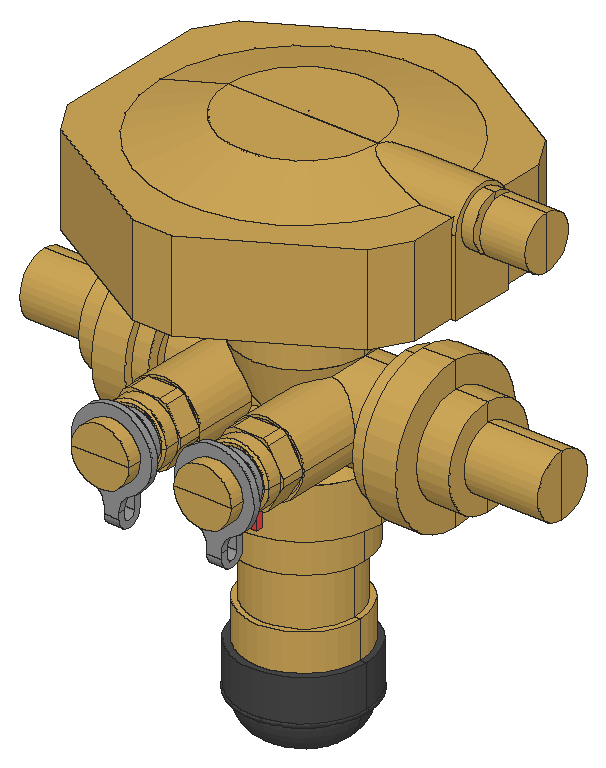
Revit family "Kombiventil 4006_M", category Rohrzubehör, Revit 2018
Family settings
  Bemaßung runder Anschluss = Durchmesser verwenden
  Teiletyp = Unterbricht
  OmniClass-Nummer = 23.65.55.14
  OmniClass-Titel = Valves for Liquid Services
  Arbeitsebenenbasiert = Nein
  Immer vertikal = Ja
  Beim Laden mit Abzugskörper schneiden = Nein
  Gemeinsam genutzt = Nein
Parameters
  min.Betriebstemperatur (Frostschutz) = -20 °C  # constant formula
  max.Betriebstemperatur bis DN32 = 130 °C  # constant formula
  max.Betriebstemperatur ab DN40 = 110 °C  # constant formula
  max.Betriebsdruck = 1600000.0 Pa  # constant formula
  VRL04 = 8.000 mm  # constant formula
  VRL03 [instance] = L01 + 4.000 mm  # 12.000 mm
  VRL02 = 18.000 mm  # constant formula
  VRL01 [instance] = size_lookup("4006M_", "VRL1", 30.000 mm, Nennweite)  # 30.000 mm
  URL = "www.herz-armaturen.at"
  Stift = "Edelstahl 14301"  # constant formula
  SCRNSEQ = "ARM;ARM_TYP=\"DURR\";2"
  SCRNCODE = "05;04;02"  # constant formula
  S05 [instance] = VRL01  # 30.000 mm
  S04 [instance] = H08 + (S03 / 2)  # 45.750 mm
  S03 [instance] = H09 + 4.700 mm  # 26.500 mm
  S02 [instance] = VRD01 * 2  # 36.400 mm
  S01 [instance] = 10.000 mm  # constant formula
  R12 = 3.900 mm  # constant formula
  R11 = 6.500 mm  # constant formula
  R10 = 35.000 mm  # constant formula
  R09 = 18.250 mm  # constant formula
  R08 = 11.300 mm  # constant formula
  R07 [instance] = size_lookup("4006M_", "R7", 17.300 mm, Nennweite)  # 17.300 mm
  R06 [instance] = size_lookup("4006M_", "R6", 19.000 mm, Nennweite)  # 19.000 mm
  R05 = 15.000 mm  # constant formula
  R04 = 12.500 mm  # constant formula
  R02 [instance] = size_lookup("4006M_", "R2", 15.000 mm, Nennweite)  # 15.000 mm
  R01 [instance] = size_lookup("4006M_", "R1", 11.500 mm, Nennweite)  # 11.500 mm
  PN = 16  # constant formula
  O-Ringe = "EPDM"  # constant formula
  Nennweite [instance] = 15.000 mm
  min.Betriebstemperatur (reines Wasser) = 2 °C  # constant formula
  Membrangehäuse = "Messing CW602N"  # constant formula
  Membrane = "EPDM"  # constant formula
  Medium = "Heizungswasserqualität nach ÖNORM H 5195 oder VDI-Richtline 2035.\r\nDie Verwendung von Ethylen- oder\nPropylenglykol in einem Mischungsverhältnis 25 - 50% ist zulässig."
  L06 [instance] = L00 / 2  # 33.000 mm
  L05 = 11.000 mm  # constant formula
  L04 = 1.500 mm  # constant formula
  L03 = 3.200 mm  # constant formula
  L02 = 43.500 mm  # constant formula
  L01 [instance] = size_lookup("4006M_", "L1", 8.000 mm, Nennweite)  # 8.000 mm
  L00 [instance] = size_lookup("4006M_", "L", 66.000 mm, Nennweite)  # 66.000 mm
  Impulsleitung = "Kupfer Cu-DHP (CW024A)"  # constant formula
  Hub = 4.000 mm  # constant formula
  Hersteller = "Herz-Armaturen GmbH"  # constant formula
  H13 [instance] = H02 - H05 - H03 - H04 - 2.000 mm  # 21.700 mm
  H12 = 19.250 mm  # constant formula
  H11 [instance] = size_lookup("4006M_", "H11", 59.000 mm, Nennweite)  # 59.000 mm
  H10 [instance] = H08 + H09  # 54.300 mm
  H09 = 21.800 mm  # constant formula
  H08 [instance] = H01 + H06 + H07  # 32.500 mm
  H07 = 4.000 mm  # constant formula
  H06 [instance] = size_lookup("4006M_", "H6", 10.000 mm, Nennweite)  # 10.000 mm
  H05 = 9.000 mm  # constant formula
  H04 [instance] = size_lookup("4006M_", "H4", 9.600 mm, Nennweite)  # 9.600 mm
  H03 [instance] = size_lookup("4006M_", "H3", 13.000 mm, Nennweite)  # 13.000 mm
  H02 [instance] = size_lookup("4006M_", "H2", 55.300 mm, Nennweite)  # 55.300 mm
  H01 [instance] = size_lookup("4006M_", "H1", 18.500 mm, Nennweite)  # 18.500 mm
  Gehäuse = "DZR Messing CC770S"  # constant formula
  VRG03 [instance] = Nennweite / 2  # 7.500 mm
  G02 [instance] = size_lookup("4006M_", "G2", 13.900 mm, Nennweite)  # 13.900 mm
  G01 [instance] = size_lookup("4006M_", "G1", 13.200 mm, Nennweite)  # 13.200 mm
  Druckfeder = "Federstahl"  # constant formula
  DN50 [instance] = Nennweite = 50.000 mm  # no
  DN40 [instance] = Nennweite = 40.000 mm  # no
  DN32 [instance] = Nennweite = 32.000 mm  # no
  DN25 [instance] = Nennweite = 25.000 mm  # no
  DN20 [instance] = Nennweite = 20.000 mm  # no
  DN15 [instance] = Nennweite = 15.000 mm  # yes
  VRD03 [instance] = VRG03 + 4.500 mm  # 12.000 mm
  VRD02 [instance] = G01 + 3.000 mm  # 16.200 mm
  VRD01 [instance] = G01 + 5.000 mm  # 18.200 mm
  Bestellnummer Verschraubung [instance] = size_lookup("4006M_", "Vrnr", 0, Nennweite)  # 1621011
  Bestellnummer [instance] = size_lookup("4006M_", "Artnr", 0, Nennweite)  # 1400611
  Bauschutzkappe = "Kunststoff"  # constant formula
  Anwendungsgebiet = "Das Kombiventil wird in allen pumpenbetriebenen Heiz- und Kühlanlagen eingesetzt. Der Regler begrenzt automatisch\r\nden Volumenstrom im gewählten Anlagenteil auf den einmal eingestellten Wert, indem alle Druckschwankungen\r\ngemessen und ausgeregelt werden. Somit sind keine Messungen erforderlich und die Regelung ist bei allen\r\nBetriebsbedingungen effektiv. Das Kombiventil regelt den Volumenstrom der ventileigenen Voreinstellung auf einen\r\nkonstanten Wert; die Membran regelt aufgrund des Druckes unmittelbar nach dem Regeleinsatz, sowie des Druckes\r\ndavor.\r\nDie Verwendung von Ethylen- und Propylenglykol ist im Mischungsverhältnis 25 - 50 Vol.- [%] zulässig."
Reference planes
  plane 1 "Mitte (Vorne/hinten)": y = 0
  plane 2: z = 0
  plane 3 "Mitte (Links/rechts)": x = 0
Forms (mm)
  Revolve 1, solid, material "Messing, weicher Gelbton, geschweißt", detail levels fine
    sketch origin (0, 0, 0) x (1, 0, 0) y (0, 0, 1)
      loop
        line (-33, 0) -> (33, 0) -> (33, 13.2) -> (25, 13.2) -> (25, 11.5) -> (-25, 11.5) -> (-25, 13.2) -> (-33, 13.2) -> (-33, 0)
      axis (-33, 0) -> (33, 0)
    angle from 0 to 360
  Revolve 2, solid, material "Messing, weicher Gelbton, geschweißt", detail levels fine
    sketch origin (0, 0, 0) x (1, 0, 0) y (0, 0, 1)
      loop
        line (0, -55.3) -> (0, 18.5) -> (-15, 18.5) -> (-15, 11.5) -> (-11.5, 0) -> (-19, -11.5) -> (-19, -23.7) -> (-15, -23.7) -> (-15, -33.3) -> (-12.5, -33.3) -> (-12.5, -46.3) -> (-13.9, -46.3) -> (-13.9, -55.3) -> (0, -55.3)
      axis (0, 18.5) -> (0, -55.3)
    angle from 0 to 360
  Extrusion 3, solid, material "Messing, weicher Gelbton, geschweißt", detail levels fine
    sketch origin (0, 0, 0) x (0, -1, 0) y (1, 0, 0)
      loop
        line (-46, -4.75) -> (-27.114, -37.462) -> (-18.886, -42.212) -> (18.886, -42.212) -> (27.114, -37.462) -> (46, -4.75) -> (46, 4.75) -> (27.114, 37.462) -> (18.886, 42.212) -> (-18.886, 42.212) -> (-27.114, 37.462) -> (-46, 4.75) -> (-46, -4.75)
    from 32.5 to 54.3
  Revolve 4, solid, material "Messing, weicher Gelbton, geschweißt", detail levels fine
    sketch origin (0, 0, 0) x (1, 0, 0) y (0, 0, 1)
      loop
        line (0, 54.3) -> (0, 59) -> (-18.25, 59) -> (-35, 54.3) -> (0, 54.3)
      axis (0, 59) -> (0, 54.3)
    angle from 0 to 360
  Extrusion 5, solid, material "Messing, weicher Gelbton, geschweißt", detail levels fine
    sketch origin (0, 0, 0) x (0, 1, 0) y (0, 0, 1)
      loop
        arc (7.85, 51.15) -> (0, 59) -> (-7.85, 51.15) r 7.85
        line (-7.85, 51.15) -> (-7.85, 32.5) -> (7.85, 32.5) -> (7.85, 51.15)
    from 0 to 43.5
  Revolve 6, solid, material "Messing, weicher Gelbton, geschweißt", detail levels fine
    sketch origin (0, 0, 0) x (1, 0, 0) y (0, 0, 1)
      loop
        line (43.5, 51.75) -> (59.2, 51.75) -> (59.2, 58.25) -> (48.2, 58.25) -> (48.2, 55.65) -> (46.7, 55.65) -> (46.7, 58.25) -> (43.5, 58.25) -> (43.5, 51.75)
      axis (43.5, 51.75) -> (59.2, 51.75)
    angle from 0 to 360
  Revolve 7, solid, material "Messing, weicher Gelbton, geschweißt", visible <- "DN15", detail levels fine
    sketch origin (0, 0, 0) x (1, 0, 0) y (0, 1, 0)
      loop
        line (-12.5, 24) -> (-20.2, 24) -> (-20.2, 0) -> (-21.5, 0) -> (-21.5, -27) -> (-12.5, -27) -> (-12.5, 24)
      axis (-12.5, 24) -> (-12.5, -27)
    angle from 0 to 360
  Revolve 8, solid, material "Messing, weicher Gelbton, geschweißt", visible <- "DN15", detail levels fine
    sketch origin (-12.5, 0, 0) x (0, 1, 0) y (0, 0, 1)
      loop
        line (24, 0) -> (39.7, 0) -> (39.7, 6.5) -> (28.7, 6.5) -> (28.7, 3.9) -> (27.2, 3.9) -> (27.2, 6.5) -> (24, 6.5) -> (24, 0)
      axis (24, 0) -> (39.7, 0)
    angle from 0 to 360
  Revolve 9, solid, material "Messing, weicher Gelbton, geschweißt", visible <- "DN15", detail levels fine
    sketch origin (0, 0, 0) x (1, 0, 0) y (0, 1, 0)
      loop
        line (12.5, 0) -> (12.5, -27) -> (21.6, -27) -> (21.6, 0) -> (12.5, 0)
      axis (12.5, 0) -> (12.5, -27)
    angle from 0 to 360
  Revolve 10, solid, material "Messing, weicher Gelbton, geschweißt", visible <- "DN20", detail levels fine
    sketch origin (-2, 0, 0) x (1, 0, 0) y (0, 1, 0)
      loop
        line (-12.5, 27) -> (-20.2, 27) -> (-20.2, 0) -> (-21.5, 0) -> (-21.5, -29) -> (-12.5, -29) -> (-12.5, 27)
      axis (-12.5, 27) -> (-12.5, -29)
    angle from 0 to 360
  Revolve 11, solid, material "Messing, weicher Gelbton, geschweißt", visible <- "DN20", detail levels fine
    sketch origin (2, 0, 0) x (1, 0, 0) y (0, 1, 0)
      loop
        line (12.5, 0) -> (12.5, -29) -> (21.6, -29) -> (21.6, 0) -> (12.5, 0)
      axis (12.5, 0) -> (12.5, -29)
    angle from 0 to 360
  Revolve 12, solid, material "Messing, weicher Gelbton, geschweißt", visible <- "DN20", detail levels fine
    sketch origin (-14.5, 3, 0) x (0, 1, 0) y (0, 0, 1)
      loop
        line (24, 0) -> (39.7, 0) -> (39.7, 6.5) -> (28.7, 6.5) -> (28.7, 3.9) -> (27.2, 3.9) -> (27.2, 6.5) -> (24, 6.5) -> (24, 0)
      axis (24, 0) -> (39.7, 0)
    angle from 0 to 360
  Revolve 13, solid, material "Messing, weicher Gelbton, geschweißt", visible <- "DN25", detail levels fine
    sketch origin (-2.1, 0, 0) x (1, 0, 0) y (0, 1, 0)
      loop
        line (-12.5, 27) -> (-20.2, 27) -> (-20.2, 0) -> (-21.5, 0) -> (-21.5, -29) -> (-12.5, -29) -> (-12.5, 27)
      axis (-12.5, 27) -> (-12.5, -29)
    angle from 0 to 360
  Revolve 14, solid, material "Messing, weicher Gelbton, geschweißt", visible <- "DN25", detail levels fine
    sketch origin (-14.6, 3, 0) x (0, 1, 0) y (0, 0, 1)
      loop
        line (24, 0) -> (39.7, 0) -> (39.7, 6.5) -> (28.7, 6.5) -> (28.7, 3.9) -> (27.2, 3.9) -> (27.2, 6.5) -> (24, 6.5) -> (24, 0)
      axis (24, 0) -> (39.7, 0)
    angle from 0 to 360
  Revolve 15, solid, material "Messing, weicher Gelbton, geschweißt", visible <- "DN25", detail levels fine
    sketch origin (2.1, 0, 0) x (1, 0, 0) y (0, 1, 0)
      loop
        line (12.5, 0) -> (12.5, -29) -> (21.6, -29) -> (21.6, 0) -> (12.5, 0)
      axis (12.5, 0) -> (12.5, -29)
    angle from 0 to 360
  Revolve 16, solid, material "Messing, weicher Gelbton, geschweißt", visible <- "DN32", detail levels fine
    sketch origin (0, 0, 0.637) x (1, 0, 0) y (0, 0, 1)
      loop
        line (-31.5, -0.637) -> (-40.5, -0.637) -> (-40.5, -43.437) -> (-31.5, -43.437) -> (-31.5, -0.637)
      axis (-31.5, -43.437) -> (-31.5, -0.637)
    angle from 0 to 360
  Revolve 17, solid, material "Messing, weicher Gelbton, geschweißt", visible <- "DN32", detail levels fine
    sketch origin (0, 0, 0.637) x (-1, 0, 0) y (0, 0, 1)
      loop
        line (-31.5, -0.637) -> (-40.5, -0.637) -> (-40.5, -43.437) -> (-31.5, -43.437) -> (-31.5, -0.637)
      axis (-31.5, -43.437) -> (-31.5, -0.637)
    angle from 0 to 360
  Revolve 18, solid, material "Messing, weicher Gelbton, geschweißt", visible <- "DN40", detail levels fine
    sketch origin (0, 0, 0) x (1, 0, 0) y (0, 0, 1)
      loop
        line (-37, 0) -> (-46, 0) -> (-46, -54.2) -> (-37, -54.2) -> (-37, 0)
      axis (-37, 0) -> (-37, -54.2)
    angle from 0 to 360
  Revolve 19, solid, material "Messing, weicher Gelbton, geschweißt", visible <- "DN40", detail levels fine
    sketch origin (0, 0, 0) x (-1, 0, 0) y (0, 0, 1)
      loop
        line (-37, 0) -> (-46, 0) -> (-46, -54.2) -> (-37, -54.2) -> (-37, 0)
      axis (-37, 0) -> (-37, -54.2)
    angle from 0 to 360
  Revolve 20, solid, material "Messing, weicher Gelbton, geschweißt", visible <- "DN50", detail levels fine
    sketch origin (-0.1, 0, 0) x (1, 0, 0) y (0, 0, 1)
      loop
        line (-37, 0) -> (-46, 0) -> (-46, -54.2) -> (-37, -54.2) -> (-37, 0)
      axis (-37, 0) -> (-37, -54.2)
    angle from 0 to 360
  Revolve 21, solid, material "Messing, weicher Gelbton, geschweißt", visible <- "DN50", detail levels fine
    sketch origin (0.1, 0, 0) x (-1, 0, 0) y (0, 0, 1)
      loop
        line (-37, 0) -> (-46, 0) -> (-46, -54.2) -> (-37, -54.2) -> (-37, 0)
      axis (-37, 0) -> (-37, -54.2)
    angle from 0 to 360
  Revolve 22, solid, material "Messing, weicher Gelbton, geschweißt", detail levels fine
    sketch origin (-97.028, 0, 0) x (1, 0, 0) y (0, 0, 1)
      loop
        line (130.028, 0) -> (160.028, 0) -> (160.028, 7.5) -> (142.028, 7.5) -> (142.028, 12) -> (134.028, 12) -> (134.028, 18.2) -> (126.028, 18.2) -> (126.028, 16.2) -> (122.028, 16.2) -> (122.028, 13.2) -> (130.028, 13.2) -> (130.028, 0)
      axis (122.028, 0) -> (160.028, 0)
    angle from 0 to 360
  Revolve 23, solid, material "Messing, weicher Gelbton, geschweißt", detail levels fine
    sketch origin (97.028, 0, 0) x (-1, 0, 0) y (0, 0, 1)
      loop
        line (130.028, 0) -> (160.028, 0) -> (160.028, 7.5) -> (142.028, 7.5) -> (142.028, 12) -> (134.028, 12) -> (134.028, 18.2) -> (126.028, 18.2) -> (126.028, 16.2) -> (122.028, 16.2) -> (122.028, 13.2) -> (130.028, 13.2) -> (130.028, 0)
      axis (122.028, 0) -> (160.028, 0)
    angle from 0 to 360
  Revolve 24, solid, material "Messing, weicher Gelbton, geschweißt", visible <- "DN40", detail levels fine
    sketch origin (-17.5, 0, 0) x (1, 0, 0) y (0, 1, 0)
      loop
        line (-12.5, -39.5) -> (-12.5, 0) -> (-20.2, 0) -> (-20.2, -39.5) -> (-12.5, -39.5)
      axis (-12.5, 0) -> (-12.5, -39.5)
    angle from 0 to 360
  Revolve 25, solid, material "Messing, weicher Gelbton, geschweißt", visible <- "DN40", detail levels fine
    sketch origin (-30, -15.5, 0) x (0, -1, 0) y (0, 0, -1)
      loop
        line (24, 0) -> (24, -6.5) -> (27.2, -6.5) -> (27.2, -3.9) -> (28.7, -3.9) -> (28.7, -6.5) -> (39.7, -6.5) -> (39.7, 0) -> (24, 0)
      axis (24, 0) -> (39.7, 0)
    angle from 0 to 360
  Revolve 26, solid, material "Messing, weicher Gelbton, geschweißt", visible <- "DN50", detail levels fine
    sketch origin (-17.6, 0, 0) x (1, 0, 0) y (0, 1, 0)
      loop
        line (-12.5, -39.5) -> (-12.5, 0) -> (-20.2, 0) -> (-20.2, -39.5) -> (-12.5, -39.5)
      axis (-12.5, 0) -> (-12.5, -39.5)
    angle from 0 to 360
  Revolve 27, solid, material "Messing, weicher Gelbton, geschweißt", visible <- "DN50", detail levels fine
    sketch origin (-30.1, -15.5, 0) x (0, -1, 0) y (0, 0, -1)
      loop
        line (24, 0) -> (24, -6.5) -> (27.2, -6.5) -> (27.2, -3.9) -> (28.7, -3.9) -> (28.7, -6.5) -> (39.7, -6.5) -> (39.7, 0) -> (24, 0)
      axis (24, 0) -> (39.7, 0)
    angle from 0 to 360
  Revolve 28, solid, material "Messing, weicher Gelbton, geschweißt", visible <- "DN32", detail levels fine
    sketch origin (-9.5, 0, 0) x (1, 0, 0) y (0, 1, 0)
      loop
        line (-12.5, -31) -> (-12.5, 0) -> (-20.2, 0) -> (-20.2, -31) -> (-12.5, -31)
      axis (-12.5, 0) -> (-12.5, -31)
    angle from 0 to 360
  Revolve 29, solid, material "Messing, weicher Gelbton, geschweißt", visible <- "DN32", detail levels fine
    sketch origin (-22, -7, 0) x (0, -1, 0) y (0, 0, -1)
      loop
        line (24, 0) -> (24, -6.5) -> (27.2, -6.5) -> (27.2, -3.9) -> (28.7, -3.9) -> (28.7, -6.5) -> (39.7, -6.5) -> (39.7, 0) -> (24, 0)
      axis (24, 0) -> (39.7, 0)
    angle from 0 to 360
Lines and regions (mm)
  model lines, detail levels coarse+medium
    curve 1: line (33, -18.2, 0) -> (33, 18.2, 0)
    curve 2: line (33, 18.2, 0) -> (-33, -18.2, 0)
    curve 3: line (-33, -18.2, 0) -> (-33, 18.2, 0)
    curve 4: line (-33, 18.2, 0) -> (33, -18.2, 0)
    curve 5: line (0, -18.5, 0) -> (0, -32.5, 0)
    curve 6: spline (-43.5, -45.75, 0) -> (-42.018, -42.321, 0) -> (-37.672, -39.125, 0) -> (-30.759, -36.381, 0) -> (-21.75, -34.275, 0) -> (-11.259, -32.951, 0) -> (0, -32.5, 0) -> (11.259, -32.951, 0) -> (21.75, -34.275, 0) -> (30.759, -36.381, 0) -> (37.672, -39.125, 0) -> (42.018, -42.321, 0) -> (43.5, -45.75, 0) -> (42.018, -49.179, 0) -> (37.672, -52.375, 0) -> (30.759, -55.119, 0) -> (21.75, -57.225, 0) -> (11.259, -58.549, 0) -> (0, -59, 0) -> (-11.259, -58.549, 0) -> (-21.75, -57.225, 0) -> (-30.759, -55.119, 0) -> (-37.672, -52.375, 0) -> (-42.018, -49.179, 0) -> (-43.5, -45.75, 0)
    curve 7: line (-33, 0, 18.2) -> (-33, 0, -18.2)
    curve 8: line (-33, 0, -18.2) -> (33, 0, 18.2)
    curve 9: line (33, 0, 18.2) -> (33, 0, -18.2)
    curve 10: line (33, 0, -18.2) -> (-33, 0, 18.2)
    curve 11: line (0, 0, 18.5) -> (0, 0, 32.5)
    curve 12: spline (-43.5, 0, 45.75) -> (-42.018, 0, 49.179) -> (-37.672, 0, 52.375) -> (-30.759, 0, 55.119) -> (-21.75, 0, 57.225) -> (-11.259, 0, 58.549) -> (0, 0, 59) -> (11.259, 0, 58.549) -> (21.75, 0, 57.225) -> (30.759, 0, 55.119) -> (37.672, 0, 52.375) -> (42.018, 0, 49.179) -> (43.5, 0, 45.75) -> (42.018, 0, 42.321) -> (37.672, 0, 39.125) -> (30.759, 0, 36.381) -> (21.75, 0, 34.275) -> (11.259, 0, 32.951) -> (0, 0, 32.5) -> (-11.259, 0, 32.951) -> (-21.75, 0, 34.275) -> (-30.759, 0, 36.381) -> (-37.672, 0, 39.125) -> (-42.018, 0, 42.321) -> (-43.5, 0, 45.75)
    curve 13: line (0, 0, 18.5) -> (16.5, 0, 9.1)
    curve 14: line (0, 0, 18.5) -> (-16.5, 0, 9.1)
    curve 15: line (33, 0, 18.2) -> (43, 0, 18.2)
    curve 16: line (43, 0, 18.2) -> (33, 0, 0)
    curve 17: line (33, 0, -18.2) -> (43, 0, -18.2)
    curve 18: line (43, 0, -18.2) -> (33, 0, 0)
    curve 19: line (-33, 0, 18.2) -> (-43, 0, 18.2)
    curve 20: line (-43, 0, 18.2) -> (-33, 0, 0)
    curve 21: line (-33, 0, -18.2) -> (-43, 0, -18.2)
    curve 22: line (-43, 0, -18.2) -> (-33, 0, 0)
    curve 23: line (33, 0, 0) -> (63, 0, 0)
    curve 24: line (-33, 0, 0) -> (-63, 0, 0)
    curve 25: line (0, -18.5, 0) -> (-16.5, -9.1, 0)
    curve 26: line (0, -18.5, 0) -> (16.5, -9.1, 0)
    curve 27: line (33, 18.2, 0) -> (43, 18.2, 0)
    curve 28: line (43, 18.2, 0) -> (33, 0, 0)
    curve 29: line (33, -18.2, 0) -> (43, -18.2, 0)
    curve 30: line (43, -18.2, 0) -> (33, 0, 0)
    curve 31: line (-33, 18.2, 0) -> (-43, 18.2, 0)
    curve 32: line (-43, 18.2, 0) -> (-33, 0, 0)
    curve 33: line (-33, -18.2, 0) -> (-43, -18.2, 0)
    curve 34: line (-43, -18.2, 0) -> (-33, 0, 0)
Dimensions and locks
  equal spacing: Revolve 1 sketch curve, plane 3 "Mitte (Links/rechts)", Revolve 1 sketch curve
  "L00": Revolve 1 sketch curve to Revolve 1 sketch curve
  "G01": Revolve 1 sketch curve to Revolve 1 sketch curve  (x2)
  "R01": Revolve 1 sketch curve to Revolve 1 sketch curve
  "L01": Revolve 1 sketch curve to Revolve 1 sketch curve  (x2)
  "H01": Revolve 2 sketch curve to plane 2
  "R01": Revolve 2 sketch curve to plane 2
  "R02": Revolve 2 sketch curve to Revolve 2 sketch curve
  "R01": Revolve 2 sketch curve to Revolve 2 sketch curve
  "H02": plane 2 to Revolve 2 sketch curve
  "G02": plane 3 "Mitte (Links/rechts)" to Revolve 2 sketch curve
  "H05": Revolve 2 sketch curve to Revolve 2 sketch curve
  "R04": Revolve 2 sketch curve to Revolve 2 sketch curve
  "R05": Revolve 2 sketch curve to Revolve 2 sketch curve
  "R06": Revolve 2 sketch curve to Revolve 2 sketch curve
  "R01": plane 2 to Revolve 2 sketch curve
  "H03": Revolve 2 sketch curve to Revolve 2 sketch curve
  "H04": Revolve 2 sketch curve to Revolve 2 sketch curve
  "H08": Extrusion 3 to plane 2
  "H09": Extrusion 3 to Extrusion 3
  "H10": Revolve 4 sketch curve to plane 2
  "H11": Revolve 4 sketch curve to plane 2
  "R09": Revolve 4 sketch curve to Revolve 4 sketch curve
  "R10": Revolve 4 sketch curve to Revolve 4 sketch curve
  "L02": Extrusion 5 to plane 3 "Mitte (Links/rechts)"
  "H08": Extrusion 5 to plane 2
  "H12": Revolve 6 sketch curve to Extrusion 3
  "R11": Revolve 6 sketch curve to Revolve 6 sketch curve  (x2)
  "L03": Revolve 6 sketch curve to Revolve 6 sketch curve
  "L04": Revolve 6 sketch curve to Revolve 6 sketch curve
  "L05": Revolve 6 sketch curve to Revolve 6 sketch curve
  "R12": Revolve 6 sketch curve to Revolve 6 sketch curve
  "R11": Revolve 8 sketch curve to Revolve 8 sketch curve  (x2)
  "L03": Revolve 8 sketch curve to Revolve 8 sketch curve
  "L04": Revolve 8 sketch curve to Revolve 8 sketch curve
  "L05": Revolve 8 sketch curve to Revolve 8 sketch curve
  "R12": Revolve 8 sketch curve to Revolve 8 sketch curve
  "R06": plane 1 "Mitte (Vorne/hinten)" to nested 1
  Revolve 10 sketch curve to plane 1 "Mitte (Vorne/hinten)" = 29.000 mm
  plane 1 "Mitte (Vorne/hinten)" to Revolve 10 sketch curve = 27.000 mm
  Revolve 11 sketch curve to plane 1 "Mitte (Vorne/hinten)" = 29.000 mm
  "R11": Revolve 12 sketch curve to Revolve 12 sketch curve  (x2)
  "L03": Revolve 12 sketch curve to Revolve 12 sketch curve
  "L04": Revolve 12 sketch curve to Revolve 12 sketch curve
  "L05": Revolve 12 sketch curve to Revolve 12 sketch curve
  "R12": Revolve 12 sketch curve to Revolve 12 sketch curve
  "H13": plane 2 to nested 1
  "R11": Revolve 14 sketch curve to Revolve 14 sketch curve  (x2)
  "L03": Revolve 14 sketch curve to Revolve 14 sketch curve
  "L04": Revolve 14 sketch curve to Revolve 14 sketch curve
  "L05": Revolve 14 sketch curve to Revolve 14 sketch curve
  "R12": Revolve 14 sketch curve to Revolve 14 sketch curve
  plane 3 "Mitte (Links/rechts)" to Revolve 16 sketch curve = 31.500 mm
  Revolve 16 sketch curve to Revolve 16 sketch curve = 9.000 mm
  plane 2 to Revolve 16 sketch curve = 42.800 mm
  Revolve 17 sketch curve to Revolve 17 sketch curve = 9.000 mm
  "VRL01": Revolve 22 sketch curve to Revolve 22 sketch curve
  "L01": Revolve 22 sketch curve to Revolve 22 sketch curve
  "G01": Revolve 22 sketch curve to plane 2
  "VRD02": Revolve 22 sketch curve to plane 2
  "VRD01": Revolve 22 sketch curve to plane 2
  "VRG03": Revolve 22 sketch curve to Revolve 22 sketch curve
  "VRL02": Revolve 22 sketch curve to Revolve 22 sketch curve
  "VRD03": Revolve 22 sketch curve to Revolve 22 sketch curve
  "VRL03": Revolve 22 sketch curve to Revolve 22 sketch curve
  "VRL04": Revolve 22 sketch curve to Revolve 22 sketch curve
  "L06": plane 3 "Mitte (Links/rechts)" to Revolve 22 sketch curve
  "VRL01": Revolve 23 sketch curve to Revolve 23 sketch curve
  "L01": Revolve 23 sketch curve to Revolve 23 sketch curve
  "VRG03": Revolve 23 sketch curve to Revolve 23 sketch curve
  "VRL02": Revolve 23 sketch curve to Revolve 23 sketch curve
  "VRD03": Revolve 23 sketch curve to Revolve 23 sketch curve
  "VRL03": Revolve 23 sketch curve to Revolve 23 sketch curve
  "VRL04": Revolve 23 sketch curve to Revolve 23 sketch curve
  "L06": Revolve 23 sketch curve to plane 3 "Mitte (Links/rechts)"
  "H02": plane 2 to nested 2
  equal spacing: curve 3, plane 3 "Mitte (Links/rechts)", curve 1
  "L00": curve 3 to curve 1
  "S02": curve 4 to curve 3
  equal spacing: curve 3, plane 1 "Mitte (Vorne/hinten)", curve 4
  "VRD01": Revolve 23 sketch curve to plane 2
  "VRD02": Revolve 23 sketch curve to plane 2
  equal spacing: curve 4, plane 1 "Mitte (Vorne/hinten)", curve 2
  "S02": curve 2 to curve 4
  "S03": curve 6 to curve 6
  "L02": curve 6 to plane 3 "Mitte (Links/rechts)"
  "L02": plane 3 "Mitte (Links/rechts)" to curve 6
  "S04": curve 6 to plane 1 "Mitte (Vorne/hinten)"
  "H08": curve 5 to plane 1 "Mitte (Vorne/hinten)"
  "S02": curve 10 to curve 8
  equal spacing: curve 10, plane 2, curve 8
  "S02": curve 9 to curve 10
  equal spacing: curve 9, plane 2, curve 10
  "L00": curve 7 to curve 9
  equal spacing: curve 7, plane 3 "Mitte (Links/rechts)", curve 9
  "H08": curve 11 to plane 2
  "S03": curve 12 to curve 12
  "L02": curve 12 to plane 3 "Mitte (Links/rechts)"
  "L02": plane 3 "Mitte (Links/rechts)" to curve 12
  "S04": curve 12 to plane 2
  equal spacing: curve 7, curve 14, plane 3 "Mitte (Links/rechts)"
  equal spacing: curve 9, curve 13, plane 3 "Mitte (Links/rechts)"
  "H01": curve 14 to plane 2
  "S01": curve 9 to curve 16
  "S01": curve 9 to curve 18
  "S01": curve 20 to curve 7
  "S01": curve 22 to curve 7
  "S05": curve 23 to curve 23
  "S05": curve 24 to curve 24
  equal spacing: curve 3, curve 25, plane 3 "Mitte (Links/rechts)"
  equal spacing: nested 2, curve 26, curve 1
  "H01": curve 26 to plane 1 "Mitte (Vorne/hinten)"
  "S01": curve 1 to curve 28
  "S01": curve 1 to curve 30
  "S01": curve 32 to curve 3
  "S01": curve 34 to curve 3
  curve 29 to nested 6 = 8.700 mm
  "R11": Revolve 25 sketch curve to Revolve 25 sketch curve  (x2)
  "L03": Revolve 25 sketch curve to Revolve 25 sketch curve
  "L04": Revolve 25 sketch curve to Revolve 25 sketch curve
  "L05": Revolve 25 sketch curve to Revolve 25 sketch curve
  "R12": Revolve 25 sketch curve to Revolve 25 sketch curve
  Revolve 24 sketch curve to Revolve 24 sketch curve = 39.500 mm
  "R11": Revolve 27 sketch curve to Revolve 27 sketch curve  (x2)
  "L03": Revolve 27 sketch curve to Revolve 27 sketch curve
  "L04": Revolve 27 sketch curve to Revolve 27 sketch curve
  "L05": Revolve 27 sketch curve to Revolve 27 sketch curve
  "R12": Revolve 27 sketch curve to Revolve 27 sketch curve
  Revolve 26 sketch curve to Revolve 26 sketch curve = 39.500 mm
  "R11": Revolve 29 sketch curve to Revolve 29 sketch curve  (x2)
  "L03": Revolve 29 sketch curve to Revolve 29 sketch curve
  "L04": Revolve 29 sketch curve to Revolve 29 sketch curve
  "L05": Revolve 29 sketch curve to Revolve 29 sketch curve
  "R12": Revolve 29 sketch curve to Revolve 29 sketch curve
  Revolve 28 sketch curve to Revolve 28 sketch curve = 31.000 mm
  aligned and locked: level to plane 2
Automatic sketch dimensions
  plane 3 "Mitte (Links/rechts)" to Extrusion 3 sketch curve = 4.750 mm  (x2)
  Extrusion 3 sketch curve to plane 1 "Mitte (Vorne/hinten)" = 46.000 mm
  Extrusion 3 sketch curve to plane 1 "Mitte (Vorne/hinten)" = 27.114 mm  (x2)
  Extrusion 3 sketch curve to Extrusion 3 sketch curve = 8.227 mm  (x4)
  plane 1 "Mitte (Vorne/hinten)" to Extrusion 3 sketch curve = 18.886 mm  (x2)
  Extrusion 3 sketch curve to Extrusion 3 sketch curve = 18.886 mm
  Extrusion 3 sketch curve to plane 3 "Mitte (Links/rechts)" = 4.750 mm  (x2)
  Extrusion 3 sketch curve to plane 3 "Mitte (Links/rechts)" = 37.462 mm  (x2)
  Extrusion 3 sketch curve to Extrusion 3 sketch curve = 4.750 mm  (x2)
  plane 3 "Mitte (Links/rechts)" to Extrusion 3 sketch curve = 37.462 mm  (x2)
  Extrusion 5 sketch curve to plane 1 "Mitte (Vorne/hinten)" = 0.000 mm
  plane 1 "Mitte (Vorne/hinten)" to Extrusion 5 sketch curve = 7.850 mm
  level to Extrusion 5 sketch curve = 32.500 mm
  Extrusion 5 sketch curve to Extrusion 5 sketch curve = 18.650 mm
  Extrusion 5 sketch curve to Extrusion 5 sketch curve = 0.000 mm
  plane 1 "Mitte (Vorne/hinten)" to Revolve 7 sketch curve = 0.000 mm
  Revolve 7 sketch curve to plane 3 "Mitte (Links/rechts)" = 21.500 mm
  Revolve 7 sketch curve to plane 3 "Mitte (Links/rechts)" = 20.200 mm
  Revolve 7 sketch curve to Revolve 7 sketch curve = 7.700 mm
  plane 1 "Mitte (Vorne/hinten)" to Revolve 7 sketch curve = 27.000 mm
  Revolve 7 sketch curve to plane 1 "Mitte (Vorne/hinten)" = 24.000 mm
  Revolve 7 sketch curve to Revolve 7 sketch curve = 0.000 mm  (x3)
  plane 1 "Mitte (Vorne/hinten)" to Revolve 9 sketch curve = 0.000 mm  (x2)
  plane 3 "Mitte (Links/rechts)" to Revolve 9 sketch curve = 12.500 mm
  Revolve 9 sketch curve to Revolve 9 sketch curve = 9.100 mm
  plane 1 "Mitte (Vorne/hinten)" to Revolve 9 sketch curve = 27.000 mm
  Revolve 9 sketch curve to Revolve 9 sketch curve = 0.000 mm  (x2)
  plane 1 "Mitte (Vorne/hinten)" to Revolve 10 sketch curve = 0.000 mm
  Revolve 10 sketch curve to plane 3 "Mitte (Links/rechts)" = 23.500 mm
  Revolve 10 sketch curve to plane 3 "Mitte (Links/rechts)" = 22.200 mm
  Revolve 10 sketch curve to Revolve 10 sketch curve = 7.700 mm
  Revolve 10 sketch curve to Revolve 10 sketch curve = 0.000 mm
  Revolve 10 sketch curve to Revolve 10 sketch curve = 2.000 mm
  Revolve 10 sketch curve to Revolve 10 sketch curve = 3.000 mm
  plane 1 "Mitte (Vorne/hinten)" to Revolve 11 sketch curve = 0.000 mm  (x2)
  plane 3 "Mitte (Links/rechts)" to Revolve 11 sketch curve = 14.500 mm
  Revolve 11 sketch curve to Revolve 11 sketch curve = 9.100 mm
  Revolve 11 sketch curve to Revolve 11 sketch curve = 0.000 mm
  Revolve 11 sketch curve to Revolve 11 sketch curve = 2.000 mm
  plane 1 "Mitte (Vorne/hinten)" to Revolve 13 sketch curve = 0.000 mm
  Revolve 13 sketch curve to plane 3 "Mitte (Links/rechts)" = 23.600 mm
  Revolve 13 sketch curve to plane 3 "Mitte (Links/rechts)" = 22.300 mm
  Revolve 13 sketch curve to Revolve 13 sketch curve = 7.700 mm
  plane 1 "Mitte (Vorne/hinten)" to Revolve 13 sketch curve = 29.000 mm
  Revolve 13 sketch curve to Revolve 13 sketch curve = 27.000 mm
  Revolve 13 sketch curve to Revolve 13 sketch curve = 0.000 mm
  Revolve 13 sketch curve to Revolve 13 sketch curve = 2.000 mm
  Revolve 13 sketch curve to Revolve 13 sketch curve = 3.000 mm
  plane 1 "Mitte (Vorne/hinten)" to Revolve 15 sketch curve = 0.000 mm  (x2)
  plane 3 "Mitte (Links/rechts)" to Revolve 15 sketch curve = 14.600 mm
  Revolve 15 sketch curve to Revolve 15 sketch curve = 9.100 mm
  Revolve 15 sketch curve to Revolve 15 sketch curve = 29.000 mm
  Revolve 15 sketch curve to Revolve 15 sketch curve = 0.000 mm
  Revolve 15 sketch curve to Revolve 15 sketch curve = 2.000 mm
  Revolve 16 sketch curve to level = 0.000 mm
  Revolve 16 sketch curve to Revolve 16 sketch curve = 0.000 mm
  Revolve 16 sketch curve to Revolve 16 sketch curve = 4.238 mm
  level to Revolve 16 sketch curve = 0.637 mm
  Revolve 17 sketch curve to level = 0.000 mm
  Revolve 17 sketch curve to plane 3 "Mitte (Links/rechts)" = 40.500 mm
  level to Revolve 17 sketch curve = 42.800 mm
  Revolve 17 sketch curve to Revolve 17 sketch curve = 0.000 mm
  Revolve 17 sketch curve to Revolve 17 sketch curve = 4.238 mm
  Revolve 17 sketch curve to level = 0.637 mm
  Revolve 18 sketch curve to level = 0.000 mm  (x2)
  Revolve 18 sketch curve to plane 3 "Mitte (Links/rechts)" = 46.000 mm
  Revolve 18 sketch curve to Revolve 18 sketch curve = 9.000 mm
  Revolve 18 sketch curve to level = 54.200 mm
  Revolve 18 sketch curve to Revolve 18 sketch curve = 0.000 mm  (x2)
  Revolve 19 sketch curve to level = 0.000 mm  (x2)
  Revolve 19 sketch curve to plane 3 "Mitte (Links/rechts)" = 46.000 mm
  Revolve 19 sketch curve to Revolve 19 sketch curve = 9.000 mm
  level to Revolve 19 sketch curve = 54.200 mm
  Revolve 19 sketch curve to Revolve 19 sketch curve = 0.000 mm  (x2)
  Revolve 20 sketch curve to level = 0.000 mm  (x2)
  Revolve 20 sketch curve to plane 3 "Mitte (Links/rechts)" = 46.100 mm
  Revolve 20 sketch curve to Revolve 20 sketch curve = 9.000 mm
  Revolve 20 sketch curve to Revolve 20 sketch curve = 54.200 mm
  Revolve 20 sketch curve to Revolve 20 sketch curve = 0.000 mm  (x2)
  Revolve 21 sketch curve to level = 0.000 mm  (x2)
  Revolve 21 sketch curve to plane 3 "Mitte (Links/rechts)" = 46.100 mm
  Revolve 21 sketch curve to Revolve 21 sketch curve = 9.000 mm
  Revolve 21 sketch curve to Revolve 21 sketch curve = 54.200 mm
  Revolve 21 sketch curve to Revolve 21 sketch curve = 0.000 mm  (x2)
  plane 1 "Mitte (Vorne/hinten)" to Revolve 24 sketch curve = 0.000 mm  (x2)
  Revolve 24 sketch curve to plane 3 "Mitte (Links/rechts)" = 37.700 mm
  Revolve 24 sketch curve to Revolve 24 sketch curve = 7.700 mm
  Revolve 24 sketch curve to Revolve 24 sketch curve = 0.000 mm
  Revolve 24 sketch curve to Revolve 24 sketch curve = 15.500 mm
  plane 1 "Mitte (Vorne/hinten)" to Revolve 26 sketch curve = 0.000 mm  (x2)
  Revolve 26 sketch curve to plane 3 "Mitte (Links/rechts)" = 37.800 mm
  Revolve 26 sketch curve to Revolve 26 sketch curve = 7.700 mm
  Revolve 26 sketch curve to Revolve 26 sketch curve = 0.000 mm
  Revolve 26 sketch curve to Revolve 26 sketch curve = 15.500 mm
  plane 1 "Mitte (Vorne/hinten)" to Revolve 28 sketch curve = 0.000 mm  (x2)
  Revolve 28 sketch curve to plane 3 "Mitte (Links/rechts)" = 29.700 mm
  Revolve 28 sketch curve to Revolve 28 sketch curve = 7.700 mm
  Revolve 28 sketch curve to Revolve 28 sketch curve = 0.000 mm
  Revolve 28 sketch curve to Revolve 28 sketch curve = 7.000 mm
  curve 11 to plane 3 "Mitte (Links/rechts)" = 0.000 mm
  curve 23 to level = 0.000 mm
  curve 22 to level = 0.000 mm
  curve 24 to level = 0.000 mm
  curve 26 to plane 3 "Mitte (Links/rechts)" = 0.000 mm
  plane 1 "Mitte (Vorne/hinten)" to curve 28 = 0.000 mm
  plane 1 "Mitte (Vorne/hinten)" to curve 32 = 0.000 mm
  plane 1 "Mitte (Vorne/hinten)" to curve 30 = 0.000 mm
  plane 1 "Mitte (Vorne/hinten)" to curve 34 = 0.000 mm
  Revolve 1 sketch curve to level = 0.000 mm  (x2)
  Revolve 1 sketch curve to Revolve 1 sketch curve = 1473.530 mm
  Revolve 1 sketch curve to Revolve 1 sketch curve = 1806.148 mm
  Revolve 2 sketch curve to level = 0.000 mm
  Revolve 2 sketch curve to plane 3 "Mitte (Links/rechts)" = 0.000 mm  (x2)
  Revolve 2 sketch curve to Revolve 2 sketch curve = 310.745 mm
  Revolve 2 sketch curve to Revolve 2 sketch curve = 2195.815 mm
  Revolve 4 sketch curve to plane 3 "Mitte (Links/rechts)" = 0.000 mm  (x2)
  Revolve 4 sketch curve to level = 366.045 mm
  Revolve 4 sketch curve to Revolve 4 sketch curve = 2155.315 mm
  plane 3 "Mitte (Links/rechts)" to Revolve 6 sketch curve = 43.500 mm
  Revolve 6 sketch curve to Revolve 6 sketch curve = 0.000 mm  (x3)
  Revolve 8 sketch curve to level = 0.000 mm  (x2)
  Revolve 8 sketch curve to plane 1 "Mitte (Vorne/hinten)" = 24.000 mm
  Revolve 8 sketch curve to Revolve 8 sketch curve = 0.000 mm  (x2)
  Revolve 12 sketch curve to level = 0.000 mm  (x2)
  Revolve 12 sketch curve to plane 1 "Mitte (Vorne/hinten)" = 27.000 mm
  Revolve 12 sketch curve to Revolve 12 sketch curve = 0.000 mm  (x2)
  Revolve 14 sketch curve to level = 0.000 mm  (x2)
  Revolve 14 sketch curve to plane 1 "Mitte (Vorne/hinten)" = 27.000 mm
  Revolve 14 sketch curve to Revolve 14 sketch curve = 0.000 mm  (x2)
  Revolve 22 sketch curve to level = 0.000 mm  (x2)
  Revolve 22 sketch curve to plane 3 "Mitte (Links/rechts)" = 1603.558 mm
  Revolve 22 sketch curve to Revolve 22 sketch curve = 1682.120 mm
  Revolve 23 sketch curve to level = 0.000 mm  (x2)
  Revolve 23 sketch curve to Revolve 23 sketch curve = 3.000 mm
  Revolve 23 sketch curve to plane 3 "Mitte (Links/rechts)" = 1603.558 mm
  Revolve 23 sketch curve to Revolve 23 sketch curve = 1682.120 mm
  Revolve 25 sketch curve to level = 0.000 mm  (x2)
  plane 1 "Mitte (Vorne/hinten)" to Revolve 25 sketch curve = 39.500 mm
  Revolve 25 sketch curve to Revolve 25 sketch curve = 0.000 mm  (x2)
  Revolve 27 sketch curve to level = 0.000 mm  (x2)
  plane 1 "Mitte (Vorne/hinten)" to Revolve 27 sketch curve = 39.500 mm
  Revolve 27 sketch curve to Revolve 27 sketch curve = 0.000 mm  (x2)
  Revolve 29 sketch curve to level = 0.000 mm  (x2)
  plane 1 "Mitte (Vorne/hinten)" to Revolve 29 sketch curve = 31.000 mm
  Revolve 29 sketch curve to Revolve 29 sketch curve = 0.000 mm  (x2)
Nested families
  nested 1: "Herz-Logo-vorne" at (-0.018, -19, -17.2) x (0, 1, 0) z (0, 0, 1), type "Herz-Logo-vorne", detail levels fine
  nested 2: "Bauschutzkappe für Kombiventil" at (0, 0, -55.3), type "Bauschutzkappe für Kombiventil", detail levels fine
  nested 3: "Messstutzen_Band_Eintritt" at (-14.5, -11.5, 0), visible <- "DN20", type "Messstutzen_Band_Eintritt"
    with Schutzkappe yes, Nennweite 0.000 mm, Gewicht 0.00 kg, Bestellnummer 0
  nested 4: "Messstutzen_Band_Eintritt" at (-14.6, -11.5, 0), visible <- "DN25", type "Messstutzen_Band_Eintritt"
    with Schutzkappe yes, Nennweite 0.000 mm, Gewicht 0.00 kg, Bestellnummer 0
  nested 5: "Messstutzen_Band_Eintritt" at (-12.5, -9.5, 0), visible <- "DN15", type "Messstutzen_Band_Eintritt"
    with Schutzkappe yes, Nennweite 0.000 mm, Gewicht 0.00 kg, Bestellnummer 0
  nested 6: "Messstutzen_Band_Austritt" at (12.5, -9.5, 0), visible <- "DN15", type "Messstutzen_Band_Austritt"
    with Schutzkappe yes, Nennweite 0.000 mm, Gewicht 0.00 kg, Bestellnummer 0
  nested 7: "Messstutzen_Band_Austritt" at (14.6, -11.5, 0), visible <- "DN25", type "Messstutzen_Band_Austritt"
    with Schutzkappe yes, Nennweite 0.000 mm, Gewicht 0.00 kg, Bestellnummer 0
  nested 8: "Messstutzen_Band_Austritt" at (14.5, -11.5, 0), visible <- "DN20", type "Messstutzen_Band_Austritt"
    with Schutzkappe yes, Nennweite 0.000 mm, Gewicht 0.00 kg, Bestellnummer 0
  nested 9: "Messstutzen_Band_Austritt_senkrecht" at (31.5, 0, -25.3), visible <- "DN32", type "Messstutzen_Band_Austritt_senkrecht"
    with Schutzkappe yes, Nennweite 0.000 mm, Gewicht 0.00 kg, Bestellnummer 0
  nested 10: "Messstutzen_Band_Austritt_senkrecht" at (37.1, 0, -36.7), visible <- "DN50", type "Messstutzen_Band_Austritt_senkrecht"
    with Schutzkappe yes, Nennweite 0.000 mm, Gewicht 0.00 kg, Bestellnummer 0
  nested 11: "Messstutzen_Band_Austritt_senkrecht" at (37, 0, -36.7), visible <- "DN40", type "Messstutzen_Band_Austritt_senkrecht"
    with Schutzkappe yes, Nennweite 0.000 mm, Gewicht 0.00 kg, Bestellnummer 0
  nested 12: "Messstutzen_Band_Eintritt_senkrecht" at (-37, 0, -36.7), visible <- "DN40", type "Messstutzen_Band_Eintritt_senkrecht"
    with Schutzkappe yes, Nennweite 0.000 mm, Gewicht 0.00 kg, Bestellnummer 0
  nested 13: "Messstutzen_Band_Eintritt_senkrecht" at (-37.1, 0, -36.7), visible <- "DN50", type "Messstutzen_Band_Eintritt_senkrecht"
    with Schutzkappe yes, Nennweite 0.000 mm, Gewicht 0.00 kg, Bestellnummer 0
  nested 14: "Messstutzen_Band_Eintritt_senkrecht" at (-31.5, 0, -25.3), visible <- "DN32", type "Messstutzen_Band_Eintritt_senkrecht"
    with Schutzkappe yes, Nennweite 0.000 mm, Gewicht 0.00 kg, Bestellnummer 0
Connectors
  piping at (63, 0, 0), diameter 15, driven by "Nennweite"
    settings: on Revolve 22, index 1, connector inside diameter 609.6 mm, connector length 0.000 mm, flow factor 0, pipe flow 0.0 L/s, pressure drop 0.0 Pa, fitting loss kfactor 0, connector angle 0.00°, fixture units 0, engagement length 0.000 mm, angle of deflection 0.00°, flow configuration 0, flow direction 1, fitting loss method 0, system type 29, joint type 0, gender type 0, connector reference index -1, connector utility 0, adjustable connector no, is connector primary yes, connector description ""
  piping at (-63, 0, 0), diameter 15, driven by "Nennweite"
    settings: on Revolve 23, index 2, connector inside diameter 609.6 mm, connector length 0.000 mm, flow factor 0, pipe flow 0.0 L/s, pressure drop 0.0 Pa, fitting loss kfactor 0, connector angle 0.00°, fixture units 0, engagement length 0.000 mm, angle of deflection 0.00°, flow configuration 0, flow direction 2, fitting loss method 0, system type 29, joint type 0, gender type 0, connector reference index -1, connector utility 0, adjustable connector no, is connector primary no, connector description ""
Definition of nested family "Herz-Logo-vorne"
  Reference planes
    plane 1 "Mitte (Vorne/hinten)": y = 0
    plane 2: z = 0
    plane 3 "Mitte (Links/rechts)": x = 0
  Forms (mm)
    Extrusion 1, solid
      sketch origin (0.732, -0.018, 0.017) x (0, -1, 0) y (0, 0, 1)
        loop
          line (-0.018, -4.517) -> (4.482, -4.517) -> (4.482, 4.483) -> (-4.518, 4.483) -> (-4.518, -4.517) -> (-0.018, -4.517)
        loop
          line (-0.05, -3.48) -> (3.482, -3.48) -> (3.482, 3.483) -> (-3.518, 3.483) -> (-3.518, -3.48) -> (-0.05, -3.48)
        loop
          arc (-0.018, 2.383) -> (-1.543, 3.287) -> (-3.067, 2.383) r 1.738
          arc (-3.067, 2.383) -> (-3.191, 1.899) -> (-3.067, 1.415) r 1.009
          line (-3.067, 1.415) -> (-0.018, -3.281) -> (3.032, 1.415)
          arc (3.032, 1.415) -> (3.156, 1.899) -> (3.032, 2.383) r 1.009
          arc (3.032, 2.383) -> (1.507, 3.287) -> (-0.018, 2.383) r 1.738
        loop
          arc (1.885, 1.272) -> (2.005, 1.675) -> (1.885, 2.079) r 0.74
          arc (1.885, 2.079) -> (1.265, 2.416) -> (0.644, 2.079) r 0.74
          line (0.644, 2.079) -> (-0.018, 0.97) -> (-0.679, 2.079)
          arc (-0.679, 2.079) -> (-1.3, 2.416) -> (-1.921, 2.079) r 0.74
          arc (-1.921, 2.079) -> (-2.04, 1.675) -> (-1.921, 1.272) r 0.74
          line (-1.921, 1.272) -> (-0.018, -1.658) -> (1.885, 1.272)
      from 0 to 1.5
  Dimensions and locks
    aligned and locked: level to plane 2
Definition of nested family "Bauschutzkappe für Kombiventil"
  Reference planes
    plane 1 "Mitte (Vorne/hinten)": y = 0
    plane 2: z = 0
    plane 3 "Mitte (Links/rechts)": x = 0
  Forms (mm)
    Revolve 1, solid
      sketch origin (0, 0, 0) x (1, 0, 0) y (0, 0, 1)
        loop
          line (0, 0) -> (-15.5, 0) -> (-15.5, -10.067)
          arc (-15.5, -10.067) -> (-15.733, -10.629) -> (-15.25, -11) r 0.5
          line (-15.25, -11) -> (-14.093, -11)
          arc (-14.093, -11) -> (-11.457, -17.364) -> (-5.093, -20) r 9
          line (-5.093, -20) -> (0, -20) -> (0, 0)
        axis (0, 0) -> (0, -20)
      angle from 0 to 360
  Dimensions and locks
    aligned and locked: level to plane 2
Definition of nested family "Messstutzen_Band_Eintritt"
  Parameters (values of type "Messstutzen_Band_Eintritt")
    URL = "www.herz-armaturen.at"
    Schutzkappe [instance] = yes
    Nennweite [instance] = 0.000 mm
    Manufacturer = "Herz Armaturen GmbH"  # constant formula
    Gewicht [instance] = 0.00 kg
    Bestellnummer [instance] = 0
  Reference planes
    plane 1 "Mitte (Vorne/hinten)": y = 0
    plane 2: z = 0
    plane 3 "Mitte (Links/rechts)": x = 0
    plane 4 "Schlaufe 1": y = -27
    plane 5 "Schlaufe 2": y = -31.678
  Forms (mm)
    Revolve 1, solid, detail levels fine
      sketch origin (0, 0, 0) x (1, 0, 0) y (0, 1, 0)
        loop
          line (-7.4, -9) -> (-7.4, -16.5)
          arc (-7.4, -16.5) -> (-7.693, -17.207) -> (-8.4, -17.5) r 1
          line (-8.4, -17.5) -> (-2, -17.5) -> (-2, 0) -> (-5.555, 0) -> (-6.455, -0.9) -> (-6.455, -4.681) -> (-5.843, -5.293)
          arc (-5.843, -5.293) -> (-5.626, -5.617) -> (-5.55, -6) r 1
          line (-5.55, -6) -> (-5.55, -9) -> (-7.4, -9)
        loop
          line (-3.7, -27) -> (-3.7, -30.45) -> (-4.415, -30.863) -> (-4.415, -35.19) -> (-3.805, -35.8) -> (-2, -35.8) -> (-2, -23) -> (-7.9, -23) -> (-7.9, -26.4) -> (-7.3, -27) -> (-3.7, -27)
        axis (0, 0) -> (0, -35.8)
      angle from 0 to 360
    Extrusion 2, solid, detail levels fine
      sketch origin (0, -17.5, 0) x (-1, 0, 0) y (0, 0, -1)
        loop
          line (5.156, -7.07) -> (8.7, -0.93)
          arc (8.7, -0.93) -> (8.75, 0) -> (8.7, 0.93) r 8.75
          line (8.7, 0.93) -> (5.156, 7.07)
          arc (5.156, 7.07) -> (4.375, 7.578) -> (3.544, 8) r 8.75
          line (3.544, 8) -> (-3.544, 8)
          arc (-3.544, 8) -> (-4.375, 7.578) -> (-5.156, 7.07) r 8.75
          line (-5.156, 7.07) -> (-8.7, 0.93)
          arc (-8.7, 0.93) -> (-8.75, 0) -> (-8.7, -0.93) r 8.75
          line (-8.7, -0.93) -> (-5.156, -7.07)
          arc (-5.156, -7.07) -> (-4.375, -7.578) -> (-3.544, -8) r 8.75
          line (-3.544, -8) -> (3.544, -8)
          arc (3.544, -8) -> (4.375, -7.578) -> (5.156, -7.07) r 8.75
      from 0 to 5.5
    Revolve 3, solid, visible <- "Schutzkappe", detail levels fine
      sketch origin (0, 0, 0) x (1, 0, 0) y (0, 1, 0)
        loop
          line (0, -35.878) -> (-3.805, -35.878) -> (-4.415, -35.268) -> (-4.415, -30.178) -> (-6.9, -30.178) -> (-6.9, -31.678) -> (-6.1, -31.678) -> (-6.1, -33.378) -> (-7, -33.378) -> (-7, -36.678) -> (0, -36.678) -> (0, -35.878)
        axis (0, -30.178) -> (0, -36.678)
      angle from 0 to 360
    Extrusion 4, solid, detail levels fine
      sketch origin (0, -27, 0) x (0, 0, -1) y (-1, 0, 0)
        loop
          circle (0, 0) r 3.7
        loop
          arc (5.505, 3.906) -> (-6.75, 0) -> (5.505, -3.906) r 6.75
          arc (5.505, -3.906) -> (7.288, -2.358) -> (9.582, -1.8) r 5
          line (9.582, -1.8) -> (9.582, 1.8)
          arc (9.582, 1.8) -> (7.288, 2.358) -> (5.505, 3.906) r 5
      from 0 to -1.5
    Extrusion 5, solid, detail levels fine
      sketch origin (0, -31.678, 0) x (0, 0, -1) y (-1, 0, 0)
        loop
          circle (0, 0) r 6.1
        loop
          arc (8.652, 4.495) -> (-9.75, 0) -> (8.652, -4.495) r 9.75
          arc (8.652, -4.495) -> (10.493, -2.527) -> (13.089, -1.8) r 5
          line (13.089, -1.8) -> (13.089, 1.8)
          arc (13.089, 1.8) -> (10.493, 2.527) -> (8.652, 4.495) r 5
      from 0 to -1.5
    Sweep 6, solid, detail levels fine
      path origin (0, 0, 0) x (0, 1, 0) y (0, 0, 1)
        loop
          line (-27.75, -9.582) -> (-27.75, -14.522)
          arc (-27.75, -14.522) -> (-30.089, -16.862) -> (-32.428, -14.522) r 2.339
          line (-32.428, -14.522) -> (-32.428, -13.089)
      profile origin (0, -27.75, -12.052) x (1, 0, 0) y (0, 1, 0)
        loop
          line (-1.8, 0.75) -> (-1.8, -0.75) -> (1.8, -0.75) -> (1.8, 0.75) -> (-1.8, 0.75)
  Cuts and joins
    joined: Extrusion 4, Extrusion 5, Sweep 6
  Dimensions and locks
    aligned and locked: level to plane 2
Definition of nested family "Messstutzen_Band_Austritt"
  Parameters (values of type "Messstutzen_Band_Austritt")
    URL = "www.herz-armaturen.at"
    Schutzkappe [instance] = yes
    Nennweite [instance] = 0.000 mm
    Manufacturer = "Herz Armaturen GmbH"  # constant formula
    Gewicht [instance] = 0.00 kg
    Bestellnummer [instance] = 0
  Reference planes
    plane 1 "Mitte (Vorne/hinten)": y = 0
    plane 2: z = 0
    plane 3 "Mitte (Links/rechts)": x = 0
    plane 4 "Schlaufe 1": y = -27
    plane 5 "Schlaufe 2": y = -31.678
  Forms (mm)
    Revolve 1, solid, detail levels fine
      sketch origin (0, 0, 0) x (1, 0, 0) y (0, 1, 0)
        loop
          line (-7.4, -9) -> (-7.4, -16.5)
          arc (-7.4, -16.5) -> (-7.693, -17.207) -> (-8.4, -17.5) r 1
          line (-8.4, -17.5) -> (-2, -17.5) -> (-2, 0) -> (-5.555, 0) -> (-6.455, -0.9) -> (-6.455, -4.681) -> (-5.843, -5.293)
          arc (-5.843, -5.293) -> (-5.626, -5.617) -> (-5.55, -6) r 1
          line (-5.55, -6) -> (-5.55, -9) -> (-7.4, -9)
        loop
          line (-3.7, -27) -> (-3.7, -30.45) -> (-4.415, -30.863) -> (-4.415, -35.19) -> (-3.805, -35.8) -> (-2, -35.8) -> (-2, -23) -> (-7.9, -23) -> (-7.9, -26.4) -> (-7.3, -27) -> (-3.7, -27)
        axis (0, 0) -> (0, -35.8)
      angle from 0 to 360
    Extrusion 2, solid, detail levels fine
      sketch origin (0, -17.5, 0) x (-1, 0, 0) y (0, 0, -1)
        loop
          line (5.156, -7.07) -> (8.7, -0.93)
          arc (8.7, -0.93) -> (8.75, 0) -> (8.7, 0.93) r 8.75
          line (8.7, 0.93) -> (5.156, 7.07)
          arc (5.156, 7.07) -> (4.375, 7.578) -> (3.544, 8) r 8.75
          line (3.544, 8) -> (-3.544, 8)
          arc (-3.544, 8) -> (-4.375, 7.578) -> (-5.156, 7.07) r 8.75
          line (-5.156, 7.07) -> (-8.7, 0.93)
          arc (-8.7, 0.93) -> (-8.75, 0) -> (-8.7, -0.93) r 8.75
          line (-8.7, -0.93) -> (-5.156, -7.07)
          arc (-5.156, -7.07) -> (-4.375, -7.578) -> (-3.544, -8) r 8.75
          line (-3.544, -8) -> (3.544, -8)
          arc (3.544, -8) -> (4.375, -7.578) -> (5.156, -7.07) r 8.75
      from 0 to 5.5
    Revolve 3, solid, visible <- "Schutzkappe", detail levels fine
      sketch origin (0, 0, 0) x (1, 0, 0) y (0, 1, 0)
        loop
          line (0, -35.878) -> (-3.805, -35.878) -> (-4.415, -35.268) -> (-4.415, -30.178) -> (-6.9, -30.178) -> (-6.9, -31.678) -> (-6.1, -31.678) -> (-6.1, -33.378) -> (-7, -33.378) -> (-7, -36.678) -> (0, -36.678) -> (0, -35.878)
        axis (0, -30.178) -> (0, -36.678)
      angle from 0 to 360
    Extrusion 4, solid, detail levels fine
      sketch origin (0, -27, 0) x (0, 0, -1) y (-1, 0, 0)
        loop
          circle (0, 0) r 3.7
        loop
          arc (5.505, 3.906) -> (-6.75, 0) -> (5.505, -3.906) r 6.75
          arc (5.505, -3.906) -> (7.288, -2.358) -> (9.582, -1.8) r 5
          line (9.582, -1.8) -> (9.582, 1.8)
          arc (9.582, 1.8) -> (7.288, 2.358) -> (5.505, 3.906) r 5
      from 0 to -1.5
    Extrusion 5, solid, detail levels fine
      sketch origin (0, -31.678, 0) x (0, 0, -1) y (-1, 0, 0)
        loop
          circle (0, 0) r 6.1
        loop
          arc (8.652, 4.495) -> (-9.75, 0) -> (8.652, -4.495) r 9.75
          arc (8.652, -4.495) -> (10.493, -2.527) -> (13.089, -1.8) r 5
          line (13.089, -1.8) -> (13.089, 1.8)
          arc (13.089, 1.8) -> (10.493, 2.527) -> (8.652, 4.495) r 5
      from 0 to -1.5
    Sweep 6, solid, detail levels fine
      path origin (0, 0, 0) x (0, 1, 0) y (0, 0, 1)
        loop
          line (-27.75, -9.582) -> (-27.75, -14.522)
          arc (-27.75, -14.522) -> (-30.089, -16.862) -> (-32.428, -14.522) r 2.339
          line (-32.428, -14.522) -> (-32.428, -13.089)
      profile origin (0, -27.75, -12.052) x (1, 0, 0) y (0, 1, 0)
        loop
          line (-1.8, 0.75) -> (-1.8, -0.75) -> (1.8, -0.75) -> (1.8, 0.75) -> (-1.8, 0.75)
  Cuts and joins
    joined: Extrusion 4, Extrusion 5, Sweep 6
  Dimensions and locks
    aligned and locked: level to plane 2
Definition of nested family "Messstutzen_Band_Austritt_senkrecht"
  Parameters (values of type "Messstutzen_Band_Austritt_senkrecht")
    URL = "www.herz-armaturen.at"
    Schutzkappe [instance] = yes
    Nennweite [instance] = 0.000 mm
    Manufacturer = "Herz Armaturen GmbH"  # constant formula
    Gewicht [instance] = 0.00 kg
    Bestellnummer [instance] = 0
  Reference planes
    plane 1 "Mitte (Vorne/hinten)": y = 0
    plane 2: z = 0
    plane 3 "Mitte (Links/rechts)": x = 0
    plane 4 "Schlaufe 1": z = -27
    plane 5 "Schlaufe 2": z = -31.678
  Forms (mm)
    Revolve 1, solid, detail levels fine
      sketch origin (0, 0, 0) x (1, 0, 0) y (0, 0, 1)
        loop
          line (-7.4, -9) -> (-7.4, -16.5)
          arc (-7.4, -16.5) -> (-7.693, -17.207) -> (-8.4, -17.5) r 1
          line (-8.4, -17.5) -> (-2, -17.5) -> (-2, 0) -> (-5.555, 0) -> (-6.455, -0.9) -> (-6.455, -4.681) -> (-5.843, -5.293)
          arc (-5.843, -5.293) -> (-5.626, -5.617) -> (-5.55, -6) r 1
          line (-5.55, -6) -> (-5.55, -9) -> (-7.4, -9)
        loop
          line (-3.7, -27) -> (-3.7, -30.45) -> (-4.415, -30.863) -> (-4.415, -35.19) -> (-3.805, -35.8) -> (-2, -35.8) -> (-2, -23) -> (-7.9, -23) -> (-7.9, -26.4) -> (-7.3, -27) -> (-3.7, -27)
        axis (0, 0) -> (0, -35.8)
      angle from 0 to 360
    Extrusion 2, solid, detail levels fine
      sketch origin (0, 0, -17.5) x (0, 1, 0) y (1, 0, 0)
        loop
          line (-7.07, -5.156) -> (-0.93, -8.7)
          arc (-0.93, -8.7) -> (0, -8.75) -> (0.93, -8.7) r 8.75
          line (0.93, -8.7) -> (7.07, -5.156)
          arc (7.07, -5.156) -> (7.578, -4.375) -> (8, -3.544) r 8.75
          line (8, -3.544) -> (8, 3.544)
          arc (8, 3.544) -> (7.578, 4.375) -> (7.07, 5.156) r 8.75
          line (7.07, 5.156) -> (0.93, 8.7)
          arc (0.93, 8.7) -> (0, 8.75) -> (-0.93, 8.7) r 8.75
          line (-0.93, 8.7) -> (-7.07, 5.156)
          arc (-7.07, 5.156) -> (-7.578, 4.375) -> (-8, 3.544) r 8.75
          line (-8, 3.544) -> (-8, -3.544)
          arc (-8, -3.544) -> (-7.578, -4.375) -> (-7.07, -5.156) r 8.75
      from 0 to 5.5
    Revolve 3, solid, visible <- "Schutzkappe", detail levels fine
      sketch origin (0, 0, 0) x (1, 0, 0) y (0, 0, 1)
        loop
          line (0, -35.878) -> (-3.805, -35.878) -> (-4.415, -35.268) -> (-4.415, -30.178) -> (-6.9, -30.178) -> (-6.9, -31.678) -> (-6.1, -31.678) -> (-6.1, -33.378) -> (-7, -33.378) -> (-7, -36.678) -> (0, -36.678) -> (0, -35.878)
        axis (0, -30.178) -> (0, -36.678)
      angle from 0 to 360
    Extrusion 4, solid, detail levels fine
      sketch origin (0, 0, -27) x (0, 1, 0) y (-1, 0, 0)
        loop
          circle (0, 0) r 3.7
        loop
          arc (5.505, 3.906) -> (-6.75, 0) -> (5.505, -3.906) r 6.75
          arc (5.505, -3.906) -> (7.288, -2.358) -> (9.582, -1.8) r 5
          line (9.582, -1.8) -> (9.582, 1.8)
          arc (9.582, 1.8) -> (7.288, 2.358) -> (5.505, 3.906) r 5
      from 0 to -1.5
    Extrusion 5, solid, detail levels fine
      sketch origin (0, 0, -31.678) x (0, 1, 0) y (-1, 0, 0)
        loop
          circle (0, 0) r 6.1
        loop
          arc (8.652, 4.495) -> (-9.75, 0) -> (8.652, -4.495) r 9.75
          arc (8.652, -4.495) -> (10.493, -2.527) -> (13.089, -1.8) r 5
          line (13.089, -1.8) -> (13.089, 1.8)
          arc (13.089, 1.8) -> (10.493, 2.527) -> (8.652, 4.495) r 5
      from 0 to -1.5
    Sweep 6, solid, detail levels fine
      path origin (0, 0, 0) x (0, 0, 1) y (0, -1, 0)
        loop
          line (-27.75, -9.582) -> (-27.75, -14.522)
          arc (-27.75, -14.522) -> (-30.089, -16.862) -> (-32.428, -14.522) r 2.339
          line (-32.428, -14.522) -> (-32.428, -13.089)
      profile origin (0, 12.052, -27.75) x (0, 0, 1) y (1, 0, 0)
        loop
          line (0.75, -1.8) -> (0.75, 1.8) -> (-0.75, 1.8) -> (-0.75, -1.8) -> (0.75, -1.8)
  Cuts and joins
    joined: Extrusion 4, Extrusion 5, Sweep 6
  Dimensions and locks
    aligned and locked: level to plane 2
Definition of nested family "Messstutzen_Band_Eintritt_senkrecht"
  Parameters (values of type "Messstutzen_Band_Eintritt_senkrecht")
    URL = "www.herz-armaturen.at"
    Schutzkappe [instance] = yes
    Nennweite [instance] = 0.000 mm
    Manufacturer = "Herz Armaturen GmbH"  # constant formula
    Gewicht [instance] = 0.00 kg
    Bestellnummer [instance] = 0
  Reference planes
    plane 1 "Mitte (Vorne/hinten)": y = 0
    plane 2: z = 0
    plane 3 "Mitte (Links/rechts)": x = 0
    plane 4 "Schlaufe 1": z = -27
    plane 5 "Schlaufe 2": z = -31.678
